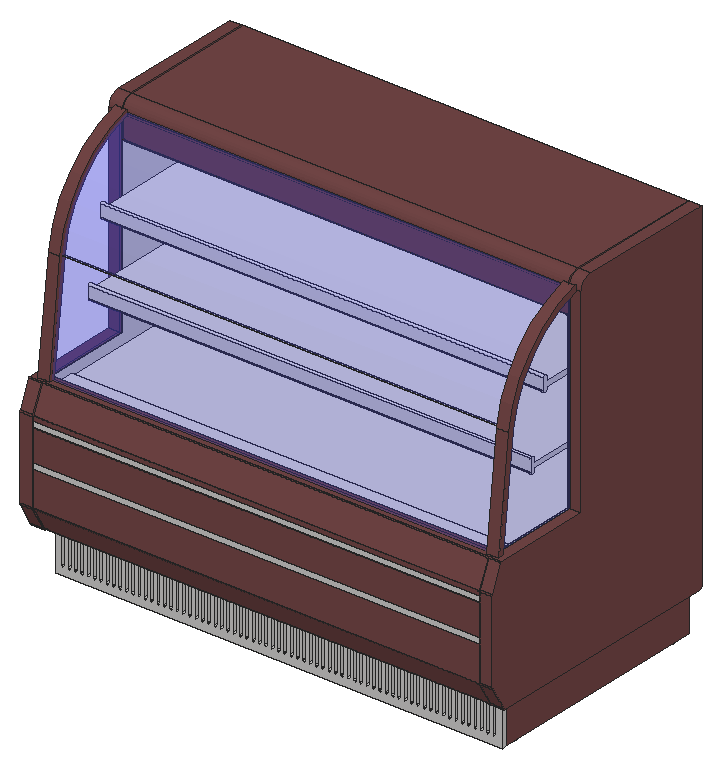
Revit family "QF_Turbo Air_TCGB-60-DR", category Specialty Equipment, Revit 2014 (continued)
Automatic sketch dimensions
  Extrusion 16 sketch curve to plane 11 "Inside Bottom" = 0' - 7.2031"
  Extrusion 16 sketch curve to Extrusion 16 sketch curve = 0' - 0 5/8"
  Extrusion 16 sketch curve to plane 11 "Inside Bottom" = 0' - 2.4531"
  Extrusion 16 sketch curve to Extrusion 16 sketch curve = 0' - 0 11/16"
  Extrusion 17 sketch curve to plane 14 "Bottom Front" = 0' - 0"
  Extrusion 17 sketch curve to plane 11 "Inside Bottom" = 0' - 0"
  Extrusion 17 sketch curve to plane 20 "Door Bottom" = 0' - 0 1/16"
  plane 14 "Bottom Front" to Extrusion 17 sketch curve = 0' - 1.20917"
  plane 12 "Panel Bottom" to Extrusion 17 sketch curve = 0' - 0 1/2"
  Extrusion 17 sketch curve to plane 5 "FRONT" = 0' - 2.09151"
  Extrusion 17 sketch curve to plane 10 "Panel Lower" = 0' - 0 3/8"
  Extrusion 17 sketch curve to Extrusion 17 sketch curve = 0' - 1.29074"
  Extrusion 17 sketch curve to plane 5 "FRONT" = 0' - 0 7/16"
  Extrusion 17 sketch curve to plane 14 "Bottom Front" = 0' - 1 7/8"
  plane 9 "BACK" to Extrusion 17 sketch curve = 0' - 2 3/8"
  Extrusion 17 sketch curve to Extrusion 17 sketch curve = 0' - 2.86482"
  Extrusion 17 sketch curve to Extrusion 17 sketch curve = 0' - 4.88518"
  Extrusion 17 sketch curve to plane 11 "Inside Bottom" = 0' - 1.21978"
  Extrusion 18 sketch curve to plane 11 "Inside Bottom" = 0' - 0"
  plane 9 "BACK" to Extrusion 18 sketch curve = 0' - 5 1/8"
  Extrusion 18 sketch curve to plane 13 "TOP" = 0' - 0 3/4"
  plane 9 "BACK" to Extrusion 18 sketch curve = 0' - 2 3/8"
  Extrusion 19 sketch curve to plane 11 "Inside Bottom" = 0' - 0"
  plane 9 "BACK" to Extrusion 19 sketch curve = 0' - 5 1/8"
  Extrusion 19 sketch curve to plane 13 "TOP" = 0' - 0 3/4"
  plane 9 "BACK" to Extrusion 19 sketch curve = 0' - 2 3/8"
  Extrusion 20 sketch curve to plane 20 "Door Bottom" = 0' - 0"
  Extrusion 20 sketch curve to plane 19 "Door Top" = 0' - 0"
  Extrusion 20 sketch curve to plane 11 "Inside Bottom" = 0' - 0"
  Extrusion 20 sketch curve to plane 13 "TOP" = 0' - 0 3/4"
  plane 9 "BACK" to Extrusion 20 sketch curve = 0' - 5 1/8"  (x2)
  plane 9 "BACK" to Extrusion 20 sketch curve = 0' - 2 3/8"  (x2)
  Extrusion 21 sketch curve to plane 13 "TOP" = 0' - 1 3/4"
  Extrusion 21 sketch curve to plane 14 "Bottom Front" = 0' - 10 1/8"
  Extrusion 21 sketch curve to Extrusion 21 sketch curve = 0' - 0.22256"
  Extrusion 21 sketch curve to Extrusion 21 sketch curve = 0' - 1.15244"
  Extrusion 21 sketch curve to Extrusion 21 sketch curve = 0' - 0 1/8"
  plane 19 "Door Top" to Extrusion 21 sketch curve = 0' - 0 13/16"
  plane 9 "BACK" to Extrusion 21 sketch curve = 0' - 5 1/8"
  Extrusion 21 sketch curve to Extrusion 21 sketch curve = 0' - 0 1/4"
  Extrusion 22 sketch curve to plane 10 "Panel Lower" = 0' - 0"
  Extrusion 22 sketch curve to plane 11 "Inside Bottom" = 0' - 0"  (x3)
  Extrusion 22 sketch curve to plane 20 "Door Bottom" = 0' - 0 1/16"
  plane 14 "Bottom Front" to Extrusion 22 sketch curve = 0' - 1.20917"
  Extrusion 22 sketch curve to plane 14 "Bottom Front" = 0' - 1 7/8"
  Extrusion 22 sketch curve to Extrusion 22 sketch curve = 0' - 0 1/16"  (x3)
  Extrusion 22 sketch curve to Extrusion 22 sketch curve = 0' - 8 1/16"
  plane 19 "Door Top" to Extrusion 22 sketch curve = 0' - 0 13/16"
  Extrusion 22 sketch curve to Extrusion 22 sketch curve = 0' - 1 1/2"  (x2)
  Extrusion 22 sketch curve to plane 20 "Door Bottom" = 0' - 0 3/8"  (x2)
  plane 9 "BACK" to Extrusion 22 sketch curve = 0' - 6 3/4"
  plane 9 "BACK" to Extrusion 22 sketch curve = 0' - 5 1/8"
  Extrusion 22 sketch curve to plane 19 "Door Top" = 0' - 1 1/16"
  Extrusion 22 sketch curve to plane 13 "TOP" = 0' - 1 3/4"
  Extrusion 23 sketch curve to plane 10 "Panel Lower" = 0' - 0"
  Extrusion 23 sketch curve to plane 11 "Inside Bottom" = 0' - 0"  (x3)
  Extrusion 23 sketch curve to plane 20 "Door Bottom" = 0' - 0 1/16"
  plane 14 "Bottom Front" to Extrusion 23 sketch curve = 0' - 1.20917"
  Extrusion 23 sketch curve to plane 14 "Bottom Front" = 0' - 1 7/8"
  Extrusion 23 sketch curve to Extrusion 23 sketch curve = 0' - 0 1/16"  (x3)
  Extrusion 23 sketch curve to Extrusion 23 sketch curve = 0' - 8 1/16"
  plane 19 "Door Top" to Extrusion 23 sketch curve = 0' - 0 13/16"
  Extrusion 23 sketch curve to Extrusion 23 sketch curve = 0' - 1 1/2"  (x2)
  Extrusion 23 sketch curve to plane 20 "Door Bottom" = 0' - 0 3/8"  (x2)
  plane 9 "BACK" to Extrusion 23 sketch curve = 0' - 6 3/4"
  plane 9 "BACK" to Extrusion 23 sketch curve = 0' - 5 1/8"
  Extrusion 23 sketch curve to plane 19 "Door Top" = 0' - 1 1/16"
  Extrusion 23 sketch curve to plane 13 "TOP" = 0' - 1 3/4"
  Extrusion 24 sketch curve to plane 11 "Inside Bottom" = 0' - 0"  (x2)
  Extrusion 24 sketch curve to plane 20 "Door Bottom" = 0' - 0 3/8"  (x2)
  Extrusion 24 sketch curve to plane 14 "Bottom Front" = 0' - 1 15/16"
  plane 9 "BACK" to Extrusion 24 sketch curve = 0' - 6 3/4"
  Extrusion 24 sketch curve to Extrusion 24 sketch curve = 0' - 0 1/16"
  Extrusion 24 sketch curve to Extrusion 24 sketch curve = 0' - 1 1/2"
  Extrusion 25 sketch curve to plane 17 "Lower Shelf" = 0' - 0"
  Extrusion 25 sketch curve to plane 18 "Upper Shelf" = 0' - 0"
  Extrusion 25 sketch curve to plane 17 "Lower Shelf" = 0' - 1"
  Extrusion 25 sketch curve to plane 14 "Bottom Front" = 0' - 4 3/8"
  Extrusion 25 sketch curve to Extrusion 25 sketch curve = 0' - 0 3/16"  (x4)
  Extrusion 25 sketch curve to plane 18 "Upper Shelf" = 0' - 1"
  Extrusion 25 sketch curve to plane 14 "Bottom Front" = 0' - 6 3/8"
  plane 9 "BACK" to Extrusion 25 sketch curve = 0' - 5 1/8"  (x2)
  Extrusion 25 sketch curve to plane 17 "Lower Shelf" = 0' - 0 5/8"
  plane 17 "Lower Shelf" to Extrusion 25 sketch curve = 0' - 0 9/16"
  Extrusion 25 sketch curve to Extrusion 25 sketch curve = 0' - 0 5/8"
  plane 18 "Upper Shelf" to Extrusion 25 sketch curve = 0' - 0 9/16"
  Extrusion 30 sketch curve to plane 9 "BACK" = 0' - 0"
  Extrusion 30 sketch curve to plane 1 "Handle Back" = 0' - 0"
  Extrusion 30 sketch curve to plane 17 "Lower Shelf" = 0' - 2 1/8"
  Extrusion 30 sketch curve to Extrusion 30 sketch curve = 0' - 0 1/2"  (x2)
  plane 18 "Upper Shelf" to Extrusion 30 sketch curve = 0' - 0 5/8"
  plane 9 "BACK" to Extrusion 31 sketch curve = 0' - 1 3/16"
  plane 1 "Handle Back" to Extrusion 31 sketch curve = 0' - 1 3/16"
  Extrusion 31 sketch curve to plane 17 "Lower Shelf" = 0' - 2 1/8"
  Extrusion 31 sketch curve to Extrusion 31 sketch curve = 0' - 0 1/2"  (x2)
  plane 18 "Upper Shelf" to Extrusion 31 sketch curve = 0' - 0 5/8"
  curve 11 to plane 7 "Inside Left" = 0' - 0"
  plane 1 "Handle Back" to curve 19 = 0' - 0"
  curve 17 to plane 8 "Inside Right" = 0' - 0"
  curve 16 to plane 8 "Inside Right" = 0' - 0"
  curve 19 to plane 16 "Door Right" = 0' - 1"
  curve 18 to curve 19 = 0' - 0 1/4"
  curve 13 to curve 24 = 0' - 0.25188"
  plane 14 "Bottom Front" to curve 23 = 0' - 0.39109"
  curve 22 to curve 12 = 0' - 0.07996"
  curve 21 to curve 12 = 0' - 0.07996"
  curve 9 to curve 6 = 0' - 0.07996"
  Extrusion 11 sketch curve to plane 21 "CENTER LR" = 0' - 0"
  Extrusion 11 sketch curve to Extrusion 11 sketch curve = 0' - 0 3/16"  (x69)
  Extrusion 11 sketch curve to Extrusion 11 sketch curve = 0' - 0 7/16"  (x66)
  Extrusion 11 sketch curve to plane 15 "Door Left" = 0' - 0 1/8"
  plane 16 "Door Right" to Extrusion 11 sketch curve = 0' - 0 1/8"
  plane 6 "Bottom" to Extrusion 11 sketch curve = 0' - 1 1/4"  (x8)
  Extrusion 11 sketch curve to Extrusion 11 sketch curve = 0' - 0"  (x122)
  Extrusion 11 sketch curve to plane 12 "Panel Bottom" = 0' - 0 15/16"  (x8)
  radius of Extrusion 32 sketch curve = 0' - 0 9/16"  (x4)
  radius of Extrusion 33 sketch curve = 0' - 0 1/4"
Connectors (in)
  electrical at (13.68427, -0.6875, 6), driven by "Number of Poles", driven by "Volts", driven by "Apparent Power"
    settings: on Extrusion 33, index 1, voltage 115 V, apparent load 80.5 VA, apparent load phase1 0 VA, apparent load phase2 0 VA, apparent load phase3 0 VA, power factor 1, load classification "Other", number of poles 1, system type 30, power factor state 1, is connector primary yes, connector utility no, sub classification motor no, connector description "Electric"
